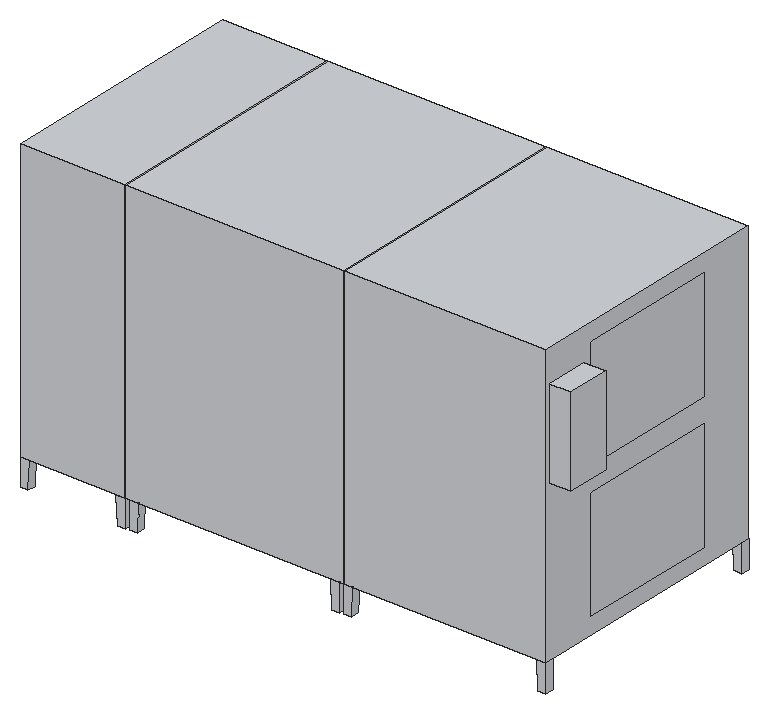
Revit family "AHU 10 _10", category Mechanické zařízení, Revit 2018
Family settings
  Kóta kulaté spojky = Použít průměr
  Typ dílu = Normální
  Číslo OmniClass = 23.75.00.00
  Nadpis OmniClass = Climate Control (HVAC)
  Založené na pracovní rovině = Ne
  Vždy vertikální = Ano
  Ořezat dutým tvarem při načtení = Ne
  Sdílené = Ne
  Bod výpočtu místnosti = Ne
Parameters (values of type "DUPLEXVENT 7500 Multi Eco")
  Width [instance] = 1.62 mm
  Weight [instance] = 1094.00 kg
  URL = ""
  Type [instance] = "DUPLEXVENT 7500 Multi Eco"
  Total_SFP [instance] = 0
  Supply_outlet_hum [instance] = 90
  Supply_inlet_hum [instance] = 90
  Supply_ext_pressure [instance] = 0.0 Pa
  Supply_SFP [instance] = 0
  Source_adu_file [instance] = ""
  Recuperation_type [instance] = "Plate heat recovery exchanger"
  Recuperation_efficiency_EN308 [instance] = 0
  Project_name [instance] = ""
  Project_date [instance] = "10.8.2023"
  Power_supply_fusing [instance] = "0"
  Power_supply_cable [instance] = "0"
  Position [instance] = "AHU 10 "
  Phases_count [instance] = 3
  Panel_thickness [instance] = 0.06 mm
  Outer_surface [instance] = "RAL 9002"
  Length [instance] = 3.37 mm
  Insulation_type [instance] = "PUR"
  Insulation_thickness [instance] = 0.05 mm
  Installation_environment [instance] = ""
  Input_power_max [instance] = 6600 W
  Inner_surface [instance] = "Pozink"
  I2 [instance] = I1  # 0.0 L/s
  Height [instance] = 1.795 mm
  Exhaust_outlet_hum [instance] = 40
  Exhaust_inlet_hum [instance] = 40
  Exhaust_ext_pressure [instance] = 0.0 Pa
  Exhaust_SFP [instance] = 0
  E1 [instance] = E2 - M1  # 0.0 L/s
  E2 [instance] = 0.0 L/s
  I1 [instance] = 0.0 L/s
  Description = ""
  M1 [instance] = 0.0 L/s
  Device_dutypoint_version [instance] = "0"
  Device_design_version [instance] = "9"
  Device_adu_id [instance] = "10"
  Current_max [instance] = 10.8 A
  Casing_mat [instance] = "painted zinc layer"
  Cable type [instance] = "CYKY 5Jx2,5"
Reference planes
  plane 1 "Střed (vpředu/vzadu)": y = 0
  plane 2 "ref": z = 0
  plane 3 "Střed (vlevo/vpravo)": x = 0
Forms (mm)
  Sweep 1, solid
    path origin (0, 0, 0) x (0, 0, 1) y (1, 0, 0)
      loop
        line (0, 0) -> (1795, 0)
    profile origin (0, 0, 0) x (1, 0, 0) y (0, 1, 0)
      loop
        line (0, 0) -> (671, 0) -> (671, 1620) -> (0, 1620) -> (0, 0)
  Sweep 2, solid
    path origin (0, 0, 0) x (0, 0, 1) y (1, 0, 0)
      loop
        line (0, 0) -> (1795, 0)
    profile origin (0, 0, 0) x (1, 0, 0) y (0, 1, 0)
      loop
        line (671, 0) -> (2074, 0) -> (2074, 1620) -> (671, 1620) -> (671, 0)
  Sweep 3, solid
    path origin (0, 0, 0) x (0, 0, 1) y (1, 0, 0)
      loop
        line (0, 0) -> (1795, 0)
    profile origin (0, 0, 0) x (1, 0, 0) y (0, 1, 0)
      loop
        line (2074, 0) -> (3367, 0) -> (3367, 1620) -> (2074, 1620) -> (2074, 0)
  Sweep 4, solid
    path origin (1, 810, 465) x (0, 1, 0) y (-1, 0, 0)
      loop
        line (0, 0) -> (0, 1)
    profile origin (1, 810, 465) x (0, -1, 0) y (0, 0, 1)
      loop
        line (-450, -355) -> (450, -355) -> (450, 355) -> (-450, 355) -> (-450, -355)
  Sweep 5, solid
    path origin (3369, 810, 1330) x (1, 0, 0) y (0, 1, 0)
      loop
        line (0, 0) -> (1, 0)
    profile origin (3369, 810, 1330) x (0, 1, 0) y (0, 0, 1)
      loop
        line (-450, 355) -> (-450, -355) -> (450, -355) -> (450, 355) -> (-450, 355)
  Sweep 6, solid
    path origin (3369, 810, 465) x (1, 0, 0) y (0, 1, 0)
      loop
        line (0, 0) -> (1, 0)
    profile origin (3369, 810, 465) x (0, 1, 0) y (0, 0, 1)
      loop
        line (-450, 355) -> (-450, -355) -> (450, -355) -> (450, 355) -> (-450, 355)
  Sweep 7, solid
    path origin (1, 810, 1330) x (0, 1, 0) y (-1, 0, 0)
      loop
        line (0, 0) -> (0, 1)
    profile origin (1, 810, 1330) x (0, -1, 0) y (0, 0, 1)
      loop
        line (-450, -355) -> (450, -355) -> (450, 355) -> (-450, 355) -> (-450, -355)
  Sweep 8, solid
    path origin (2608, 360, 0) x (0, -1, 0) y (0, 0, 1)
      loop
        line (0, 0) -> (0, -142)
    profile origin (2608, 360, 0) x (-1, 0, 0) y (0, -1, 0)
      loop
        circle (0, 0) r 8
  Sweep 9, solid
    path origin (2616, 360, -150) x (0, 0, -1) y (1, 0, 0)
      loop
        line (0, 0) -> (0, 14)
    profile origin (2616, 360, -150) x (0, 0, 1) y (0, -1, 0)
      loop
        circle (0, 0) r 8
  Sweep 10, solid
    path origin (2638, 360, -142) x (0, -1, 0) y (0, 0, 1)
      loop
        line (0, 0) -> (0, 59)
    profile origin (2638, 360, -142) x (0, 1, 0) y (-1, 0, 0)
      loop
        circle (0, 0) r 8
  Sweep 11, solid
    path origin (2646, 360, -75) x (0, 0, -1) y (1, 0, 0)
      loop
        line (0, 0) -> (0, 22)
    profile origin (2646, 360, -75) x (0, 0, 1) y (0, -1, 0)
      loop
        circle (0, 0) r 8
  Sweep 12, solid
    path origin (965, 360, 0) x (0, -1, 0) y (0, 0, 1)
      loop
        line (0, 0) -> (0, -142)
    profile origin (965, 360, 0) x (-1, 0, 0) y (0, -1, 0)
      loop
        circle (0, 0) r 8
  Sweep 13, solid
    path origin (973, 360, -150) x (0, 0, -1) y (1, 0, 0)
      loop
        line (0, 0) -> (0, 14)
    profile origin (973, 360, -150) x (0, 0, 1) y (0, -1, 0)
      loop
        circle (0, 0) r 8
  Sweep 14, solid
    path origin (995, 360, -142) x (0, -1, 0) y (0, 0, 1)
      loop
        line (0, 0) -> (0, 59)
    profile origin (995, 360, -142) x (0, 1, 0) y (-1, 0, 0)
      loop
        circle (0, 0) r 8
  Sweep 15, solid
    path origin (1003, 360, -75) x (0, 0, -1) y (1, 0, 0)
      loop
        line (0, 0) -> (0, 22)
    profile origin (1003, 360, -75) x (0, 0, 1) y (0, -1, 0)
      loop
        circle (0, 0) r 8
  Sweep 16, solid
    path origin (25, 50, 0) x (1, 0, 0) y (0, 1, 0)
      loop
        line (0, 0) -> (0, -50)
    profile origin (25, 50, 0) x (1, 0, 0) y (0, 0, 1)
      loop
        line (-25, 0) -> (-25, -175) -> (25, -175) -> (35, 0) -> (-25, 0)
  Sweep 17, solid
    path origin (3345, 50, 0) x (1, 0, 0) y (0, 1, 0)
      loop
        line (0, 0) -> (0, -50)
    profile origin (3345, 50, 0) x (1, 0, 0) y (0, 0, 1)
      loop
        line (-35, 0) -> (-25, -175) -> (25, -175) -> (25, 0) -> (-35, 0)
  Sweep 18, solid
    path origin (25, 1620, 0) x (1, 0, 0) y (0, 1, 0)
      loop
        line (0, 0) -> (0, -50)
    profile origin (25, 1620, 0) x (1, 0, 0) y (0, 0, 1)
      loop
        line (-25, 0) -> (-25, -175) -> (25, -175) -> (35, 0) -> (-25, 0)
  Sweep 19, solid
    path origin (3345, 1620, 0) x (1, 0, 0) y (0, 1, 0)
      loop
        line (0, 0) -> (0, -50)
    profile origin (3345, 1620, 0) x (1, 0, 0) y (0, 0, 1)
      loop
        line (-35, 0) -> (-25, -175) -> (25, -175) -> (25, 0) -> (-35, 0)
  Sweep 20, solid
    path origin (650, 50, 0) x (1, 0, 0) y (0, 1, 0)
      loop
        line (0, 0) -> (0, -50)
    profile origin (650, 50, 0) x (1, 0, 0) y (0, 0, 1)
      loop
        line (-35, 0) -> (-25, -175) -> (25, -175) -> (25, 0) -> (-35, 0)
  Sweep 21, solid
    path origin (650, 1620, 0) x (1, 0, 0) y (0, 1, 0)
      loop
        line (0, 0) -> (0, -50)
    profile origin (650, 1620, 0) x (1, 0, 0) y (0, 0, 1)
      loop
        line (-35, 0) -> (-25, -175) -> (25, -175) -> (25, 0) -> (-35, 0)
  Sweep 22, solid
    path origin (725, 50, 0) x (1, 0, 0) y (0, 1, 0)
      loop
        line (0, 0) -> (0, -50)
    profile origin (725, 50, 0) x (1, 0, 0) y (0, 0, 1)
      loop
        line (-25, 0) -> (-25, -175) -> (25, -175) -> (35, 0) -> (-25, 0)
  Sweep 23, solid
    path origin (725, 1620, 0) x (1, 0, 0) y (0, 1, 0)
      loop
        line (0, 0) -> (0, -50)
    profile origin (725, 1620, 0) x (1, 0, 0) y (0, 0, 1)
      loop
        line (-25, 0) -> (-25, -175) -> (25, -175) -> (35, 0) -> (-25, 0)
  Sweep 24, solid
    path origin (2023, 50, 0) x (1, 0, 0) y (0, 1, 0)
      loop
        line (0, 0) -> (0, -50)
    profile origin (2023, 50, 0) x (1, 0, 0) y (0, 0, 1)
      loop
        line (-35, 0) -> (-25, -175) -> (25, -175) -> (25, 0) -> (-35, 0)
  Sweep 25, solid
    path origin (2023, 1620, 0) x (1, 0, 0) y (0, 1, 0)
      loop
        line (0, 0) -> (0, -50)
    profile origin (2023, 1620, 0) x (1, 0, 0) y (0, 0, 1)
      loop
        line (-35, 0) -> (-25, -175) -> (25, -175) -> (25, 0) -> (-35, 0)
  Sweep 26, solid
    path origin (2098, 50, 0) x (1, 0, 0) y (0, 1, 0)
      loop
        line (0, 0) -> (0, -50)
    profile origin (2098, 50, 0) x (1, 0, 0) y (0, 0, 1)
      loop
        line (-25, 0) -> (-25, -175) -> (25, -175) -> (35, 0) -> (-25, 0)
  Sweep 27, solid
    path origin (2098, 1620, 0) x (1, 0, 0) y (0, 1, 0)
      loop
        line (0, 0) -> (0, -50)
    profile origin (2098, 1620, 0) x (1, 0, 0) y (0, 0, 1)
      loop
        line (-25, 0) -> (-25, -175) -> (25, -175) -> (35, 0) -> (-25, 0)
  Sweep 28, solid
    path origin (0, 0, 1024) x (0, 0, 1) y (1, 0, 0)
      loop
        line (0, 0) -> (570, 0)
    profile origin (0, 0, 1024) x (1, 0, 0) y (0, 1, 0)
      loop
        line (3370, 25) -> (3510, 25) -> (3510, 300) -> (3370, 300) -> (3370, 25)
  Sweep 29, solid
    path origin (3440, 163, 1024) x (0, -1, 0) y (0, 0, 1)
      loop
        line (0, 0) -> (0, -1)
    profile origin (3440, 163, 1024) x (-1, 0, 0) y (0, -1, 0)
      loop
        circle (0, 0) r 10
Lines and regions (mm)
  model lines, style "Symbol"
    curve 1: line (1382, 0, 0) -> (1382, 0, 359)
    curve 2: line (1382, 0, 1795) -> (1382, 0, 1436)
    curve 3: line (0, 0, 897) -> (671, 0, 897)
    curve 4: line (671, 0, 897) -> (843, 0, 897)
    curve 5: line (2074, 0, 897) -> (1920, 0, 897)
    curve 6: line (2074, 0, 897) -> (3370, 0, 897)
    curve 7: line (843, 0, 897) -> (1112, 0, 1436)
    curve 8: line (1112, 0, 1436) -> (1651, 0, 1436)
    curve 9: line (1651, 0, 1436) -> (1920, 0, 897)
    curve 10: line (1920, 0, 897) -> (1651, 0, 359)
    curve 11: line (1651, 0, 359) -> (1382, 0, 359)
    curve 12: line (1382, 0, 359) -> (1112, 0, 359)
    curve 13: line (1112, 0, 359) -> (843, 0, 897)
    curve 14: line (2975, 0, 1474) -> (3262, 0, 1425)
    curve 15: line (2975, 0, 1218) -> (3262, 0, 1267)
    curve 16: line (395, 0, 1218) -> (108, 0, 1267)
    curve 17: line (395, 0, 1474) -> (108, 0, 1425)
    curve 18: line (67, 0, 179) -> (67, 0, 718)
    curve 19: line (67, 0, 718) -> (270, 0, 718)
    curve 20: line (270, 0, 718) -> (270, 0, 179)
    curve 21: line (270, 0, 179) -> (67, 0, 179)
    curve 22: line (169, 0, 179) -> (270, 0, 449)
    curve 23: line (169, 0, 718) -> (270, 0, 449)
    curve 24: line (3303, 0, 718) -> (3303, 0, 179)
    curve 25: line (3303, 0, 179) -> (3100, 0, 179)
    curve 26: line (3100, 0, 179) -> (3100, 0, 718)
    curve 27: line (3100, 0, 718) -> (3303, 0, 718)
    curve 28: line (3201, 0, 718) -> (3100, 0, 449)
    curve 29: line (3201, 0, 179) -> (3100, 0, 449)
    curve 30: line (1015, 0, 314) -> (771, 0, 794)
    curve 31: line (771, 0, 794) -> (851, 0, 835)
    curve 32: line (851, 0, 835) -> (1095, 0, 355)
    curve 33: line (1095, 0, 355) -> (1015, 0, 314)
    curve 34: line (868, 0, 622) -> (900, 0, 719)
    curve 35: line (966, 0, 430) -> (998, 0, 527)
    curve 36: line (0, -1540, 0) -> (0, 0, 0)
    curve 37: line (3370, -1540, 0) -> (3370, 0, 0)
    curve 38: line (0, -1540, 0) -> (3370, -1540, 0)
    curve 39: line (0, -1540, 1795) -> (0, 0, 1795)
    curve 40: line (3370, -1540, 1795) -> (3370, 0, 1795)
    curve 41: line (0, -1540, 1795) -> (3370, -1540, 1795)
    curve 42: line (0, -1540, 0) -> (0, -1540, 1795)
    curve 43: line (3370, -1540, 0) -> (3370, -1540, 1795)
    curve 44: line (0, -1540, 1595) -> (200, -1540, 1795)
    curve 45: line (0, -1540, 1395) -> (400, -1540, 1795)
    curve 46: line (0, -1540, 1195) -> (600, -1540, 1795)
    curve 47: line (0, -1540, 995) -> (800, -1540, 1795)
    curve 48: line (0, -1540, 795) -> (1000, -1540, 1795)
    curve 49: line (0, -1540, 595) -> (1200, -1540, 1795)
    curve 50: line (0, -1540, 395) -> (1400, -1540, 1795)
    curve 51: line (0, -1540, 195) -> (1600, -1540, 1795)
    curve 52: line (5, -1540, 0) -> (1800, -1540, 1795)
    curve 53: line (205, -1540, 0) -> (2000, -1540, 1795)
    curve 54: line (405, -1540, 0) -> (2200, -1540, 1795)
    curve 55: line (605, -1540, 0) -> (2400, -1540, 1795)
    curve 56: line (805, -1540, 0) -> (2600, -1540, 1795)
    curve 57: line (1005, -1540, 0) -> (2800, -1540, 1795)
    curve 58: line (1205, -1540, 0) -> (3000, -1540, 1795)
    curve 59: line (1405, -1540, 0) -> (3200, -1540, 1795)
    curve 60: line (1605, -1540, 0) -> (3370, -1540, 1765)
    curve 61: line (1805, -1540, 0) -> (3370, -1540, 1565)
    curve 62: line (2005, -1540, 0) -> (3370, -1540, 1365)
    curve 63: line (2205, -1540, 0) -> (3370, -1540, 1165)
    curve 64: line (2405, -1540, 0) -> (3370, -1540, 965)
    curve 65: line (2605, -1540, 0) -> (3370, -1540, 765)
    curve 66: line (2805, -1540, 0) -> (3370, -1540, 565)
    curve 67: line (3005, -1540, 0) -> (3370, -1540, 365)
    curve 68: line (3205, -1540, 0) -> (3370, -1540, 165)
    curve 69: line (3370, -1540, 1595) -> (3370, -1340, 1795)
    curve 70: line (3370, -1540, 1395) -> (3370, -1140, 1795)
    curve 71: line (3370, -1540, 1195) -> (3370, -940, 1795)
    curve 72: line (3370, -1540, 995) -> (3370, -740, 1795)
    curve 73: line (3370, -1540, 795) -> (3370, -540, 1795)
    curve 74: line (3370, -1540, 595) -> (3370, -340, 1795)
    curve 75: line (3370, -1540, 395) -> (3370, -140, 1795)
    curve 76: line (3370, -1540, 195) -> (3370, 0, 1735)
    curve 77: line (3370, -1535, 0) -> (3370, 0, 1535)
    curve 78: line (3370, -1335, 0) -> (3370, 0, 1335)
    curve 79: line (3370, -1135, 0) -> (3370, 0, 1135)
    curve 80: line (3370, -935, 0) -> (3370, 0, 935)
    curve 81: line (3370, -735, 0) -> (3370, 0, 735)
    curve 82: line (3370, -535, 0) -> (3370, 0, 535)
    curve 83: line (3370, -335, 0) -> (3370, 0, 335)
    curve 84: line (3370, -135, 0) -> (3370, 0, 135)
    curve 85: line (0, -1340, 1795) -> (200, -1540, 1795)
    curve 86: line (0, -1140, 1795) -> (400, -1540, 1795)
    curve 87: line (0, -940, 1795) -> (600, -1540, 1795)
    curve 88: line (0, -740, 1795) -> (800, -1540, 1795)
    curve 89: line (0, -540, 1795) -> (1000, -1540, 1795)
    curve 90: line (0, -340, 1795) -> (1200, -1540, 1795)
    curve 91: line (0, -140, 1795) -> (1400, -1540, 1795)
    curve 92: line (60, 0, 1795) -> (1600, -1540, 1795)
    curve 93: line (260, 0, 1795) -> (1800, -1540, 1795)
    curve 94: line (460, 0, 1795) -> (2000, -1540, 1795)
    curve 95: line (660, 0, 1795) -> (2200, -1540, 1795)
    curve 96: line (860, 0, 1795) -> (2400, -1540, 1795)
    curve 97: line (1060, 0, 1795) -> (2600, -1540, 1795)
    curve 98: line (1260, 0, 1795) -> (2800, -1540, 1795)
    curve 99: line (1460, 0, 1795) -> (3000, -1540, 1795)
    curve 100: line (1660, 0, 1795) -> (3200, -1540, 1795)
    curve 101: line (1860, 0, 1795) -> (3370, -1510, 1795)
    curve 102: line (2060, 0, 1795) -> (3370, -1310, 1795)
    curve 103: line (2260, 0, 1795) -> (3370, -1110, 1795)
    curve 104: line (2460, 0, 1795) -> (3370, -910, 1795)
    curve 105: line (2660, 0, 1795) -> (3370, -710, 1795)
    curve 106: line (2860, 0, 1795) -> (3370, -510, 1795)
    curve 107: line (3060, 0, 1795) -> (3370, -310, 1795)
    curve 108: line (3260, 0, 1795) -> (3370, -110, 1795)
    curve 109: line (4090, 0, 0) -> (3370, 0, 0)
    curve 110: line (4090, 1620, 0) -> (3370, 1620, 0)
    curve 111: line (4090, 0, 0) -> (4090, 1620, 0)
    curve 112: line (4090, 0, 1795) -> (3370, 0, 1795)
    curve 113: line (4090, 1620, 1795) -> (3370, 1620, 1795)
    curve 114: line (4090, 0, 1795) -> (4090, 1620, 1795)
    curve 115: line (4090, 0, 0) -> (4090, 0, 1795)
    curve 116: line (4090, 1620, 0) -> (4090, 1620, 1795)
    curve 117: line (4090, 0, 1595) -> (4090, 200, 1795)
    curve 118: line (4090, 0, 1395) -> (4090, 400, 1795)
    curve 119: line (4090, 0, 1195) -> (4090, 600, 1795)
    curve 120: line (4090, 0, 995) -> (4090, 800, 1795)
    curve 121: line (4090, 0, 795) -> (4090, 1000, 1795)
    curve 122: line (4090, 0, 595) -> (4090, 1200, 1795)
    curve 123: line (4090, 0, 395) -> (4090, 1400, 1795)
    curve 124: line (4090, 0, 195) -> (4090, 1600, 1795)
    curve 125: line (4090, 5, 0) -> (4090, 1620, 1615)
    curve 126: line (4090, 205, 0) -> (4090, 1620, 1415)
    curve 127: line (4090, 405, 0) -> (4090, 1620, 1215)
    curve 128: line (4090, 605, 0) -> (4090, 1620, 1015)
    curve 129: line (4090, 805, 0) -> (4090, 1620, 815)
    curve 130: line (4090, 1005, 0) -> (4090, 1620, 615)
    curve 131: line (4090, 1205, 0) -> (4090, 1620, 415)
    curve 132: line (4090, 1405, 0) -> (4090, 1620, 215)
    curve 133: line (4090, 1605, 0) -> (4090, 1620, 15)
    curve 134: line (4090, 1620, 1595) -> (3890, 1620, 1795)
    curve 135: line (4090, 1620, 1395) -> (3690, 1620, 1795)
    curve 136: line (4090, 1620, 1195) -> (3490, 1620, 1795)
    curve 137: line (4090, 1620, 995) -> (3370, 1620, 1715)
    curve 138: line (4090, 1620, 795) -> (3370, 1620, 1515)
    curve 139: line (4090, 1620, 595) -> (3370, 1620, 1315)
    curve 140: line (4090, 1620, 395) -> (3370, 1620, 1115)
    curve 141: line (4090, 1620, 195) -> (3370, 1620, 915)
    curve 142: line (4085, 1620, 0) -> (3370, 1620, 715)
    curve 143: line (3885, 1620, 0) -> (3370, 1620, 515)
    curve 144: line (3685, 1620, 0) -> (3370, 1620, 315)
    curve 145: line (3485, 1620, 0) -> (3370, 1620, 115)
    curve 146: line (3890, 0, 1795) -> (4090, 200, 1795)
    curve 147: line (3690, 0, 1795) -> (4090, 400, 1795)
    curve 148: line (3490, 0, 1795) -> (4090, 600, 1795)
    curve 149: line (3370, 80, 1795) -> (4090, 800, 1795)
    curve 150: line (3370, 280, 1795) -> (4090, 1000, 1795)
    curve 151: line (3370, 480, 1795) -> (4090, 1200, 1795)
    curve 152: line (3370, 680, 1795) -> (4090, 1400, 1795)
    curve 153: line (3370, 880, 1795) -> (4090, 1600, 1795)
    curve 154: line (3370, 1080, 1795) -> (3910, 1620, 1795)
    curve 155: line (3370, 1280, 1795) -> (3710, 1620, 1795)
    curve 156: line (3370, 1480, 1795) -> (3510, 1620, 1795)
    curve 157: line (0, 1620, -200) -> (0, 1620, 0)
    curve 158: line (3370, 1620, -200) -> (3370, 1620, 0)
    curve 159: line (0, 1620, -200) -> (3370, 1620, -200)
    curve 160: line (0, 0, -200) -> (0, 0, 0)
    curve 161: line (3370, 0, -200) -> (3370, 0, 0)
    curve 162: line (0, 0, -200) -> (3370, 0, -200)
    curve 163: line (0, 1620, -200) -> (0, 0, -200)
    curve 164: line (3370, 1620, -200) -> (3370, 0, -200)
    curve 165: line (0, 200, -200) -> (200, 0, -200)
    curve 166: line (0, 400, -200) -> (400, 0, -200)
    curve 167: line (0, 600, -200) -> (600, 0, -200)
    curve 168: line (0, 800, -200) -> (800, 0, -200)
    curve 169: line (0, 1000, -200) -> (1000, 0, -200)
    curve 170: line (0, 1200, -200) -> (1200, 0, -200)
    curve 171: line (0, 1400, -200) -> (1400, 0, -200)
    curve 172: line (0, 1600, -200) -> (1600, 0, -200)
    curve 173: line (180, 1620, -200) -> (1800, 0, -200)
    curve 174: line (380, 1620, -200) -> (2000, 0, -200)
    curve 175: line (580, 1620, -200) -> (2200, 0, -200)
    curve 176: line (780, 1620, -200) -> (2400, 0, -200)
    curve 177: line (980, 1620, -200) -> (2600, 0, -200)
    curve 178: line (1180, 1620, -200) -> (2800, 0, -200)
    curve 179: line (1380, 1620, -200) -> (3000, 0, -200)
    curve 180: line (1580, 1620, -200) -> (3200, 0, -200)
    curve 181: line (1780, 1620, -200) -> (3370, 30, -200)
    curve 182: line (1980, 1620, -200) -> (3370, 230, -200)
    curve 183: line (2180, 1620, -200) -> (3370, 430, -200)
    curve 184: line (2380, 1620, -200) -> (3370, 630, -200)
    curve 185: line (2580, 1620, -200) -> (3370, 830, -200)
    curve 186: line (2780, 1620, -200) -> (3370, 1030, -200)
    curve 187: line (2980, 1620, -200) -> (3370, 1230, -200)
    curve 188: line (3180, 1620, -200) -> (3370, 1430, -200)
    curve 189: line (3370, 200, -200) -> (3370, 0, 0)
    curve 190: line (3370, 400, -200) -> (3370, 200, 0)
    curve 191: line (3370, 600, -200) -> (3370, 400, 0)
    curve 192: line (3370, 800, -200) -> (3370, 600, 0)
    curve 193: line (3370, 1000, -200) -> (3370, 800, 0)
    curve 194: line (3370, 1200, -200) -> (3370, 1000, 0)
    curve 195: line (3370, 1400, -200) -> (3370, 1200, 0)
    curve 196: line (3370, 1600, -200) -> (3370, 1400, 0)
    curve 197: line (3370, 1620, -20) -> (3370, 1600, 0)
    curve 198: line (0, 0, 0) -> (200, 0, -200)
    curve 199: line (200, 0, 0) -> (400, 0, -200)
    curve 200: line (400, 0, 0) -> (600, 0, -200)
    curve 201: line (600, 0, 0) -> (800, 0, -200)
    curve 202: line (800, 0, 0) -> (1000, 0, -200)
    curve 203: line (1000, 0, 0) -> (1200, 0, -200)
    curve 204: line (1200, 0, 0) -> (1400, 0, -200)
    curve 205: line (1400, 0, 0) -> (1600, 0, -200)
    curve 206: line (1600, 0, 0) -> (1800, 0, -200)
    curve 207: line (1800, 0, 0) -> (2000, 0, -200)
    curve 208: line (2000, 0, 0) -> (2200, 0, -200)
    curve 209: line (2200, 0, 0) -> (2400, 0, -200)
    curve 210: line (2400, 0, 0) -> (2600, 0, -200)
    curve 211: line (2600, 0, 0) -> (2800, 0, -200)
    curve 212: line (2800, 0, 0) -> (3000, 0, -200)
    curve 213: line (3000, 0, 0) -> (3200, 0, -200)
    curve 214: line (3200, 0, 0) -> (3370, 0, -170)
    curve 215: line (0, 0, 2395) -> (0, 0, 1795)
    curve 216: line (3370, 0, 2395) -> (3370, 0, 1795)
    curve 217: line (0, 0, 2395) -> (3370, 0, 2395)
    curve 218: line (0, 1620, 2395) -> (0, 1620, 1795)
    curve 219: line (3370, 1620, 2395) -> (3370, 1620, 1795)
    curve 220: line (0, 1620, 2395) -> (3370, 1620, 2395)
    curve 221: line (0, 0, 2395) -> (0, 1620, 2395)
    curve 222: line (3370, 0, 2395) -> (3370, 1620, 2395)
    curve 223: line (0, 1420, 2395) -> (200, 1620, 2395)
    curve 224: line (0, 1220, 2395) -> (400, 1620, 2395)
    curve 225: line (0, 1020, 2395) -> (600, 1620, 2395)
    curve 226: line (0, 820, 2395) -> (800, 1620, 2395)
    curve 227: line (0, 620, 2395) -> (1000, 1620, 2395)
    curve 228: line (0, 420, 2395) -> (1200, 1620, 2395)
    curve 229: line (0, 220, 2395) -> (1400, 1620, 2395)
    curve 230: line (0, 20, 2395) -> (1600, 1620, 2395)
    curve 231: line (180, 0, 2395) -> (1800, 1620, 2395)
    curve 232: line (380, 0, 2395) -> (2000, 1620, 2395)
    curve 233: line (580, 0, 2395) -> (2200, 1620, 2395)
    curve 234: line (780, 0, 2395) -> (2400, 1620, 2395)
    curve 235: line (980, 0, 2395) -> (2600, 1620, 2395)
    curve 236: line (1180, 0, 2395) -> (2800, 1620, 2395)
    curve 237: line (1380, 0, 2395) -> (3000, 1620, 2395)
    curve 238: line (1580, 0, 2395) -> (3200, 1620, 2395)
    curve 239: line (1780, 0, 2395) -> (3370, 1590, 2395)
    curve 240: line (1980, 0, 2395) -> (3370, 1390, 2395)
    curve 241: line (2180, 0, 2395) -> (3370, 1190, 2395)
    curve 242: line (2380, 0, 2395) -> (3370, 990, 2395)
    curve 243: line (2580, 0, 2395) -> (3370, 790, 2395)
    curve 244: line (2780, 0, 2395) -> (3370, 590, 2395)
    curve 245: line (2980, 0, 2395) -> (3370, 390, 2395)
    curve 246: line (3180, 0, 2395) -> (3370, 190, 2395)
    curve 247: line (3370, 1420, 2395) -> (3370, 1620, 2195)
    curve 248: line (3370, 1220, 2395) -> (3370, 1620, 1995)
    curve 249: line (3370, 1020, 2395) -> (3370, 1620, 1795)
    curve 250: line (3370, 820, 2395) -> (3370, 1420, 1795)
    curve 251: line (3370, 620, 2395) -> (3370, 1220, 1795)
    curve 252: line (3370, 420, 2395) -> (3370, 1020, 1795)
    curve 253: line (3370, 220, 2395) -> (3370, 820, 1795)
    curve 254: line (3370, 20, 2395) -> (3370, 620, 1795)
    curve 255: line (3370, 0, 2215) -> (3370, 420, 1795)
    curve 256: line (3370, 0, 2015) -> (3370, 220, 1795)
    curve 257: line (3370, 0, 1815) -> (3370, 20, 1795)
    curve 258: line (0, 1620, 2195) -> (200, 1620, 2395)
    curve 259: line (0, 1620, 1995) -> (400, 1620, 2395)
    curve 260: line (0, 1620, 1795) -> (600, 1620, 2395)
    curve 261: line (200, 1620, 1795) -> (800, 1620, 2395)
    curve 262: line (400, 1620, 1795) -> (1000, 1620, 2395)
    curve 263: line (600, 1620, 1795) -> (1200, 1620, 2395)
    curve 264: line (800, 1620, 1795) -> (1400, 1620, 2395)
    curve 265: line (1000, 1620, 1795) -> (1600, 1620, 2395)
    curve 266: line (1200, 1620, 1795) -> (1800, 1620, 2395)
    curve 267: line (1400, 1620, 1795) -> (2000, 1620, 2395)
    curve 268: line (1600, 1620, 1795) -> (2200, 1620, 2395)
    curve 269: line (1800, 1620, 1795) -> (2400, 1620, 2395)
    curve 270: line (2000, 1620, 1795) -> (2600, 1620, 2395)
    curve 271: line (2200, 1620, 1795) -> (2800, 1620, 2395)
    curve 272: line (2400, 1620, 1795) -> (3000, 1620, 2395)
    curve 273: line (2600, 1620, 1795) -> (3200, 1620, 2395)
    curve 274: line (2800, 1620, 1795) -> (3370, 1620, 2365)
    curve 275: line (3000, 1620, 1795) -> (3370, 1620, 2165)
    curve 276: line (3200, 1620, 1795) -> (3370, 1620, 1965)
    curve 277: circle (3101, 0, 1346) r 179 normal (0, -1, 0)
    curve 278: circle (269, 0, 1346) r 179 normal (0, -1, 0)
    curve 279: circle (884, 0, 670) r 13 normal (0, -1, 0)
    curve 280: circle (982, 0, 478) r 13 normal (0, -1, 0)
    curve 281: circle (2608, 360, 0) r 8 normal (0, 0, -1)
    curve 282: circle (2608, 360, -142) r 8 normal (0, 0, -1)
    curve 283: circle (965, 360, 0) r 8 normal (0, 0, -1)
    curve 284: circle (965, 360, -142) r 8 normal (0, 0, -1)
Dimensions and locks
  aligned and locked: level to plane 2 "ref"
Connectors
  hvac at (0, 810, 465), driven by "E1"
    settings: on Sweep 4, index 1, duct flow 0.0 L/s, flow factor 0, pres drop 0.0 Pa, loss coef 0, conn angle 0.00°, conn width 900 mm, conn height 710 mm, conn diameter 609.6 mm, duct sys type 1, conn prof type 1, flow config 1, flow direction 1, loss method 0, conn ref index -1, conn util no, is conn primary yes, conn desc ""
  hvac at (3370, 810, 1330), driven by "E2"
    settings: on Sweep 5, index 2, duct flow 0.0 L/s, flow factor 1, pres drop 0.0 Pa, loss coef 0, conn angle 0.00°, conn width 900 mm, conn height 710 mm, conn diameter 609.6 mm, duct sys type 1, conn prof type 1, flow config 2, flow direction 2, loss method 0, conn ref index -1, conn util no, is conn primary no, conn desc ""
  hvac at (3370, 810, 465), driven by "I1"
    settings: on Sweep 6, index 3, duct flow 0.0 L/s, flow factor 1, pres drop 0.0 Pa, loss coef 0, conn angle 0.00°, conn width 900 mm, conn height 710 mm, conn diameter 609.6 mm, duct sys type 3, conn prof type 1, flow config 2, flow direction 1, loss method 0, conn ref index -1, conn util no, is conn primary no, conn desc ""
  hvac at (0, 810, 1330), driven by "I2"
    settings: on Sweep 7, index 4, duct flow 0.0 L/s, flow factor 0, pres drop 0.0 Pa, loss coef 0, conn angle 0.00°, conn width 900 mm, conn height 710 mm, conn diameter 609.6 mm, duct sys type 3, conn prof type 1, flow config 1, flow direction 2, loss method 0, conn ref index -1, conn util no, is conn primary no, conn desc ""
  piping at (2668, 360, -75), diameter 40
    settings: on Sweep 11, index 5, connector inside diameter 609.6 mm, connector length 0 mm, flow factor 0, pipe flow 0.0 L/s, pressure drop 0.0 Pa, fitting loss kfactor 0, connector angle 0.00°, fixture units 0, engagement length 0 mm, angle of deflection 0.00°, flow configuration 1, flow direction 2, fitting loss method 0, system type 16, joint type 0, gender type 0, connector reference index -1, connector utility 0, adjustable connector no, is connector primary yes, connector description ""
  piping at (1025, 360, -75), diameter 40
    settings: on Sweep 15, index 6, connector inside diameter 609.6 mm, connector length 0 mm, flow factor 0, pipe flow 0.0 L/s, pressure drop 0.0 Pa, fitting loss kfactor 0, connector angle 0.00°, fixture units 0, engagement length 0 mm, angle of deflection 0.00°, flow configuration 1, flow direction 2, fitting loss method 0, system type 16, joint type 0, gender type 0, connector reference index -1, connector utility 0, adjustable connector no, is connector primary no, connector description ""
  electrical at (3440, 163, 1023)
    settings: on Sweep 29, index 7, voltage 400 V, apparent load 0 VA, apparent load phase1 0 VA, apparent load phase2 0 VA, apparent load phase3 0 VA, power factor 1, load classification "Další", number of poles 3, system type 31, power factor state 1, is connector primary yes, connector utility no, sub classification motor no, connector description ""
